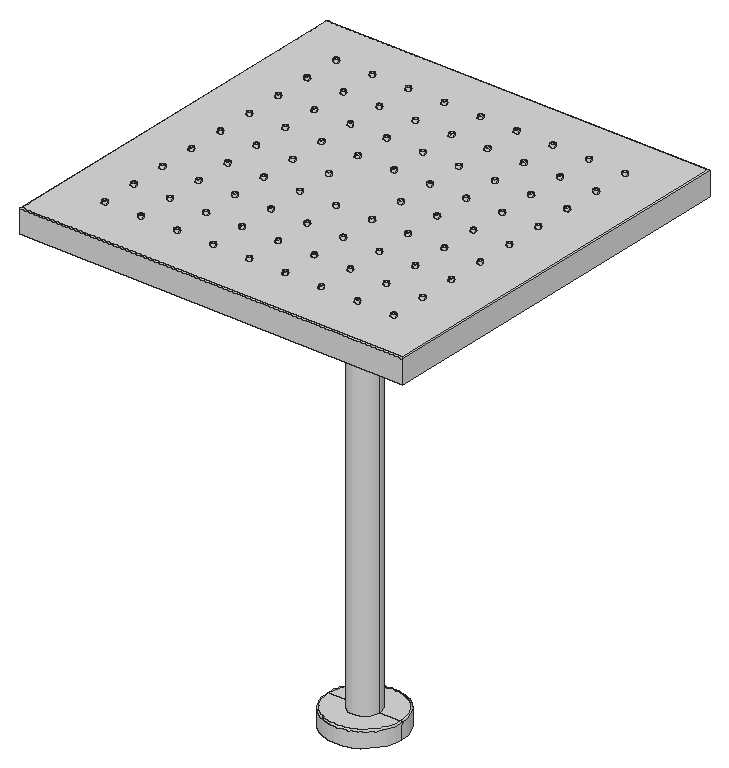
Revit family "Shower-Showerhead-KOHLER-EO-3875D_1", category Plumbing Fixtures, host Face, Revit 2017 (continued)
Definition of nested family "3875D"
  Lines and regions (in)
    symbolic lines, detail levels medium+fine
      curve 178: arc (4.1231253, 2.0867319, 0) -> (4.1703694, 2.0394878, 0) -> (4.2176134, 2.0867319, 0) r 0.0472441
      curve 179: arc (4.2333615, 2.0867319, 0) -> (4.1703694, 2.0237398, 0) -> (4.1073772, 2.0867319, 0) r 0.0629921
      curve 180: arc (4.247141, 2.0867319, 0) -> (4.1703694, 2.0099603, 0) -> (4.0935977, 2.0867319, 0) r 0.0767717
      curve 181: arc (3.0504155, 1.0449391, 0) -> (3.1271871, 1.1217108, 0) -> (3.2039588, 1.0449391, 0) r 0.0767717
      curve 182: arc (3.064195, 1.0449391, 0) -> (3.1271871, 1.1079312, 0) -> (3.1901793, 1.0449391, 0) r 0.0629921
      curve 183: arc (3.1744312, 1.0449391, 0) -> (3.1271871, 1.0921832, 0) -> (3.079943, 1.0449391, 0) r 0.0472441
      curve 184: arc (3.079943, 1.0449391, 0) -> (3.1271871, 0.997695, 0) -> (3.1744312, 1.0449391, 0) r 0.0472441
      curve 185: arc (3.1901793, 1.0449391, 0) -> (3.1271871, 0.981947, 0) -> (3.064195, 1.0449391, 0) r 0.0629921
      curve 186: arc (3.2039588, 1.0449391, 0) -> (3.1271871, 0.9681674, 0) -> (3.0504155, 1.0449391, 0) r 0.0767717
      curve 187: arc (4.0935977, 1.0446144, 0) -> (4.1703694, 1.121386, 0) -> (4.247141, 1.0446144, 0) r 0.0767717
      curve 188: arc (4.1073772, 1.0446144, 0) -> (4.1703694, 1.1076065, 0) -> (4.2333615, 1.0446144, 0) r 0.0629921
      curve 189: arc (4.2176134, 1.0446144, 0) -> (4.1703694, 1.0918585, 0) -> (4.1231253, 1.0446144, 0) r 0.0472441
      curve 190: arc (4.1231253, 1.0446144, 0) -> (4.1703694, 0.9973703, 0) -> (4.2176134, 1.0446144, 0) r 0.0472441
      curve 191: arc (4.2333615, 1.0446144, 0) -> (4.1703694, 0.9816222, 0) -> (4.1073772, 1.0446144, 0) r 0.0629921
      curve 192: arc (4.247141, 1.0446144, 0) -> (4.1703694, 0.9678427, 0) -> (4.0935977, 1.0446144, 0) r 0.0767717
      curve 193: arc (2.1607766, 4.1745663, 0) -> (2.0840049, 4.2513379, 0) -> (2.0072333, 4.1745663, 0) r 0.0767717
      curve 194: arc (2.146997, 4.1745663, 0) -> (2.0840049, 4.2375584, 0) -> (2.0210128, 4.1745663, 0) r 0.0629921
      curve 195: arc (2.0367608, 4.1745663, 0) -> (2.0840049, 4.2218104, 0) -> (2.131249, 4.1745663, 0) r 0.0472441
      curve 196: arc (2.131249, 4.1745663, 0) -> (2.0840049, 4.1273222, 0) -> (2.0367608, 4.1745663, 0) r 0.0472441
      curve 197: arc (2.0210128, 4.1745663, 0) -> (2.0840049, 4.1115742, 0) -> (2.146997, 4.1745663, 0) r 0.0629921
      curve 198: arc (2.0072333, 4.1745663, 0) -> (2.0840049, 4.0977946, 0) -> (2.1607766, 4.1745663, 0) r 0.0767717
      curve 199: arc (2.1607766, 3.1292234, 0) -> (2.0840049, 3.2059951, 0) -> (2.0072333, 3.1292234, 0) r 0.0767717
      curve 200: arc (2.146997, 3.1292234, 0) -> (2.0840049, 3.1922155, 0) -> (2.0210128, 3.1292234, 0) r 0.0629921
      curve 201: arc (2.0367608, 3.1292234, 0) -> (2.0840049, 3.1764675, 0) -> (2.131249, 3.1292234, 0) r 0.0472441
      curve 202: arc (2.131249, 3.1292234, 0) -> (2.0840049, 3.0819793, 0) -> (2.0367608, 3.1292234, 0) r 0.0472441
      curve 203: arc (2.0210128, 3.1292234, 0) -> (2.0840049, 3.0662313, 0) -> (2.146997, 3.1292234, 0) r 0.0629921
      curve 204: arc (2.0072333, 3.1292234, 0) -> (2.0840049, 3.0524518, 0) -> (2.1607766, 3.1292234, 0) r 0.0767717
      curve 205: arc (2.1607766, 2.0867319, 0) -> (2.0840049, 2.1635036, 0) -> (2.0072333, 2.0867319, 0) r 0.0767717
      curve 206: arc (2.146997, 2.0867319, 0) -> (2.0840049, 2.1497241, 0) -> (2.0210128, 2.0867319, 0) r 0.0629921
      curve 207: arc (2.0367608, 2.0867319, 0) -> (2.0840049, 2.133976, 0) -> (2.131249, 2.0867319, 0) r 0.0472441
      curve 208: arc (2.131249, 2.0867319, 0) -> (2.0840049, 2.0394878, 0) -> (2.0367608, 2.0867319, 0) r 0.0472441
      curve 209: arc (2.0210128, 2.0867319, 0) -> (2.0840049, 2.0237398, 0) -> (2.146997, 2.0867319, 0) r 0.0629921
      curve 210: arc (2.0072333, 2.0867319, 0) -> (2.0840049, 2.0099603, 0) -> (2.1607766, 2.0867319, 0) r 0.0767717
      curve 211: arc (2.1607766, 1.0446144, 0) -> (2.0840049, 1.121386, 0) -> (2.0072333, 1.0446144, 0) r 0.0767717
      curve 212: arc (2.146997, 1.0446144, 0) -> (2.0840049, 1.1076065, 0) -> (2.0210128, 1.0446144, 0) r 0.0629921
      curve 213: arc (2.0367608, 1.0446144, 0) -> (2.0840049, 1.0918585, 0) -> (2.131249, 1.0446144, 0) r 0.0472441
      curve 214: arc (2.131249, 1.0446144, 0) -> (2.0840049, 0.9973703, 0) -> (2.0367608, 1.0446144, 0) r 0.0472441
      curve 215: arc (2.0210128, 1.0446144, 0) -> (2.0840049, 0.9816222, 0) -> (2.146997, 1.0446144, 0) r 0.0629921
      curve 216: arc (2.0072333, 1.0446144, 0) -> (2.0840049, 0.9678427, 0) -> (2.1607766, 1.0446144, 0) r 0.0767717
      curve 217: arc (1.1175943, 4.1745663, 0) -> (1.0408227, 4.2513379, 0) -> (0.964051, 4.1745663, 0) r 0.0767717
      curve 218: arc (1.1038148, 4.1745663, 0) -> (1.0408227, 4.2375584, 0) -> (0.9778306, 4.1745663, 0) r 0.0629921
      curve 219: arc (0.9935786, 4.1745663, 0) -> (1.0408227, 4.2218104, 0) -> (1.0880668, 4.1745663, 0) r 0.0472441
      curve 220: arc (1.0880668, 4.1745663, 0) -> (1.0408227, 4.1273222, 0) -> (0.9935786, 4.1745663, 0) r 0.0472441
      curve 221: arc (0.9778306, 4.1745663, 0) -> (1.0408227, 4.1115742, 0) -> (1.1038148, 4.1745663, 0) r 0.0629921
      curve 222: arc (0.964051, 4.1745663, 0) -> (1.0408227, 4.0977946, 0) -> (1.1175943, 4.1745663, 0) r 0.0767717
      curve 223: arc (1.1175943, 3.1298897, 0) -> (1.0408227, 3.2066614, 0) -> (0.964051, 3.1298897, 0) r 0.0767717
      curve 224: arc (1.1038148, 3.1298897, 0) -> (1.0408227, 3.1928818, 0) -> (0.9778306, 3.1298897, 0) r 0.0629921
      curve 225: arc (0.9935786, 3.1298897, 0) -> (1.0408227, 3.1771338, 0) -> (1.0880668, 3.1298897, 0) r 0.0472441
      curve 226: arc (1.0880668, 3.1298897, 0) -> (1.0408227, 3.0826456, 0) -> (0.9935786, 3.1298897, 0) r 0.0472441
      curve 227: arc (0.9778306, 3.1298897, 0) -> (1.0408227, 3.0668976, 0) -> (1.1038148, 3.1298897, 0) r 0.0629921
      curve 228: arc (0.964051, 3.1298897, 0) -> (1.0408227, 3.0531181, 0) -> (1.1175943, 3.1298897, 0) r 0.0767717
      curve 229: arc (1.1175943, 2.0877149, 0) -> (1.0408227, 2.1644866, 0) -> (0.964051, 2.0877149, 0) r 0.0767717
      curve 230: arc (1.1038148, 2.0877149, 0) -> (1.0408227, 2.1507071, 0) -> (0.9778306, 2.0877149, 0) r 0.0629921
      curve 231: arc (0.9935786, 2.0877149, 0) -> (1.0408227, 2.134959, 0) -> (1.0880668, 2.0877149, 0) r 0.0472441
      curve 232: arc (1.0880668, 2.0877149, 0) -> (1.0408227, 2.0404708, 0) -> (0.9935786, 2.0877149, 0) r 0.0472441
      curve 233: arc (0.9778306, 2.0877149, 0) -> (1.0408227, 2.0247228, 0) -> (1.1038148, 2.0877149, 0) r 0.0629921
      curve 234: arc (0.964051, 2.0877149, 0) -> (1.0408227, 2.0109433, 0) -> (1.1175943, 2.0877149, 0) r 0.0767717
      curve 235: arc (1.1175943, 1.0449391, 0) -> (1.0408227, 1.1217108, 0) -> (0.964051, 1.0449391, 0) r 0.0767717
      curve 236: arc (1.1038148, 1.0449391, 0) -> (1.0408227, 1.1079312, 0) -> (0.9778306, 1.0449391, 0) r 0.0629921
      curve 237: arc (0.9935786, 1.0449391, 0) -> (1.0408227, 1.0921832, 0) -> (1.0880668, 1.0449391, 0) r 0.0472441
      curve 238: arc (1.0880668, 1.0449391, 0) -> (1.0408227, 0.997695, 0) -> (0.9935786, 1.0449391, 0) r 0.0472441
      curve 239: arc (0.9778306, 1.0449391, 0) -> (1.0408227, 0.981947, 0) -> (1.1038148, 1.0449391, 0) r 0.0629921
      curve 240: arc (0.964051, 1.0449391, 0) -> (1.0408227, 0.9681674, 0) -> (1.1175943, 1.0449391, 0) r 0.0767717
      curve 241: arc (-4.0935977, -4.1745663, 0) -> (-4.1703694, -4.2513379, 0) -> (-4.247141, -4.1745663, 0) r 0.0767717
      curve 242: arc (-4.1073772, -4.1745663, 0) -> (-4.1703694, -4.2375584, 0) -> (-4.2333615, -4.1745663, 0) r 0.0629921
      curve 243: arc (-4.2176134, -4.1745663, 0) -> (-4.1703694, -4.2218104, 0) -> (-4.1231253, -4.1745663, 0) r 0.0472441
      curve 244: arc (-4.1231253, -4.1745663, 0) -> (-4.1703694, -4.1273222, 0) -> (-4.2176134, -4.1745663, 0) r 0.0472441
      curve 245: arc (-4.2333615, -4.1745663, 0) -> (-4.1703694, -4.1115742, 0) -> (-4.1073772, -4.1745663, 0) r 0.0629921
      curve 246: arc (-4.247141, -4.1745663, 0) -> (-4.1703694, -4.0977946, 0) -> (-4.0935977, -4.1745663, 0) r 0.0767717
      curve 247: arc (-4.0935977, -3.1292234, 0) -> (-4.1703694, -3.2059951, 0) -> (-4.247141, -3.1292234, 0) r 0.0767717
      curve 248: arc (-4.1073772, -3.1292234, 0) -> (-4.1703694, -3.1922155, 0) -> (-4.2333615, -3.1292234, 0) r 0.0629921
      curve 249: arc (-4.2176134, -3.1292234, 0) -> (-4.1703694, -3.1764675, 0) -> (-4.1231253, -3.1292234, 0) r 0.0472441
      curve 250: arc (-4.1231253, -3.1292234, 0) -> (-4.1703694, -3.0819793, 0) -> (-4.2176134, -3.1292234, 0) r 0.0472441
      curve 251: arc (-4.2333615, -3.1292234, 0) -> (-4.1703694, -3.0662313, 0) -> (-4.1073772, -3.1292234, 0) r 0.0629921
      curve 252: arc (-4.247141, -3.1292234, 0) -> (-4.1703694, -3.0524518, 0) -> (-4.0935977, -3.1292234, 0) r 0.0767717
      curve 253: arc (-3.0504155, -4.1745663, 0) -> (-3.1271871, -4.2513379, 0) -> (-3.2039588, -4.1745663, 0) r 0.0767717
      curve 254: arc (-3.064195, -4.1745663, 0) -> (-3.1271871, -4.2375584, 0) -> (-3.1901793, -4.1745663, 0) r 0.0629921
      curve 255: arc (-3.1744312, -4.1745663, 0) -> (-3.1271871, -4.2218104, 0) -> (-3.079943, -4.1745663, 0) r 0.0472441
      curve 256: arc (-3.079943, -4.1745663, 0) -> (-3.1271871, -4.1273222, 0) -> (-3.1744312, -4.1745663, 0) r 0.0472441
      curve 257: arc (-3.1901793, -4.1745663, 0) -> (-3.1271871, -4.1115742, 0) -> (-3.064195, -4.1745663, 0) r 0.0629921
      curve 258: arc (-3.2039588, -4.1745663, 0) -> (-3.1271871, -4.0977946, 0) -> (-3.0504155, -4.1745663, 0) r 0.0767717
      curve 259: arc (-3.0504155, -3.1298897, 0) -> (-3.1271871, -3.2066614, 0) -> (-3.2039588, -3.1298897, 0) r 0.0767717
      curve 260: arc (-3.064195, -3.1298897, 0) -> (-3.1271871, -3.1928818, 0) -> (-3.1901793, -3.1298897, 0) r 0.0629921
      curve 261: arc (-3.1744312, -3.1298897, 0) -> (-3.1271871, -3.1771338, 0) -> (-3.079943, -3.1298897, 0) r 0.0472441
      curve 262: arc (-3.079943, -3.1298897, 0) -> (-3.1271871, -3.0826456, 0) -> (-3.1744312, -3.1298897, 0) r 0.0472441
      curve 263: arc (-3.1901793, -3.1298897, 0) -> (-3.1271871, -3.0668976, 0) -> (-3.064195, -3.1298897, 0) r 0.0629921
      curve 264: arc (-3.2039588, -3.1298897, 0) -> (-3.1271871, -3.0531181, 0) -> (-3.0504155, -3.1298897, 0) r 0.0767717
      curve 265: arc (-3.0504155, -2.0877149, 0) -> (-3.1271871, -2.1644866, 0) -> (-3.2039588, -2.0877149, 0) r 0.0767717
      curve 266: arc (-3.064195, -2.0877149, 0) -> (-3.1271871, -2.1507071, 0) -> (-3.1901793, -2.0877149, 0) r 0.0629921
      curve 267: arc (-3.1744312, -2.0877149, 0) -> (-3.1271871, -2.134959, 0) -> (-3.079943, -2.0877149, 0) r 0.0472441
      curve 268: arc (-3.079943, -2.0877149, 0) -> (-3.1271871, -2.0404708, 0) -> (-3.1744312, -2.0877149, 0) r 0.0472441
      curve 269: arc (-3.1901793, -2.0877149, 0) -> (-3.1271871, -2.0247228, 0) -> (-3.064195, -2.0877149, 0) r 0.0629921
      curve 270: arc (-3.2039588, -2.0877149, 0) -> (-3.1271871, -2.0109433, 0) -> (-3.0504155, -2.0877149, 0) r 0.0767717
      curve 271: arc (-4.0935977, -2.0867319, 0) -> (-4.1703694, -2.1635036, 0) -> (-4.247141, -2.0867319, 0) r 0.0767717
      curve 272: arc (-4.1073772, -2.0867319, 0) -> (-4.1703694, -2.1497241, 0) -> (-4.2333615, -2.0867319, 0) r 0.0629921
      curve 273: arc (-4.2176134, -2.0867319, 0) -> (-4.1703694, -2.133976, 0) -> (-4.1231253, -2.0867319, 0) r 0.0472441
      curve 274: arc (-4.1231253, -2.0867319, 0) -> (-4.1703694, -2.0394878, 0) -> (-4.2176134, -2.0867319, 0) r 0.0472441
      curve 275: arc (-4.2333615, -2.0867319, 0) -> (-4.1703694, -2.0237398, 0) -> (-4.1073772, -2.0867319, 0) r 0.0629921
      curve 276: arc (-4.247141, -2.0867319, 0) -> (-4.1703694, -2.0099603, 0) -> (-4.0935977, -2.0867319, 0) r 0.0767717
      curve 277: arc (-3.0504155, -1.0449391, 0) -> (-3.1271871, -1.1217108, 0) -> (-3.2039588, -1.0449391, 0) r 0.0767717
      curve 278: arc (-3.064195, -1.0449391, 0) -> (-3.1271871, -1.1079312, 0) -> (-3.1901793, -1.0449391, 0) r 0.0629921
      curve 279: arc (-3.1744312, -1.0449391, 0) -> (-3.1271871, -1.0921832, 0) -> (-3.079943, -1.0449391, 0) r 0.0472441
      curve 280: arc (-3.079943, -1.0449391, 0) -> (-3.1271871, -0.997695, 0) -> (-3.1744312, -1.0449391, 0) r 0.0472441
      curve 281: arc (-3.1901793, -1.0449391, 0) -> (-3.1271871, -0.981947, 0) -> (-3.064195, -1.0449391, 0) r 0.0629921
      curve 282: arc (-3.2039588, -1.0449391, 0) -> (-3.1271871, -0.9681674, 0) -> (-3.0504155, -1.0449391, 0) r 0.0767717
      curve 283: arc (-4.0935977, -1.0446144, 0) -> (-4.1703694, -1.121386, 0) -> (-4.247141, -1.0446144, 0) r 0.0767717
      curve 284: arc (-4.1073772, -1.0446144, 0) -> (-4.1703694, -1.1076065, 0) -> (-4.2333615, -1.0446144, 0) r 0.0629921
      curve 285: arc (-4.2176134, -1.0446144, 0) -> (-4.1703694, -1.0918585, 0) -> (-4.1231253, -1.0446144, 0) r 0.0472441
      curve 286: arc (-4.1231253, -1.0446144, 0) -> (-4.1703694, -0.9973703, 0) -> (-4.2176134, -1.0446144, 0) r 0.0472441
      curve 287: arc (-4.2333615, -1.0446144, 0) -> (-4.1703694, -0.9816222, 0) -> (-4.1073772, -1.0446144, 0) r 0.0629921
      curve 288: arc (-4.247141, -1.0446144, 0) -> (-4.1703694, -0.9678427, 0) -> (-4.0935977, -1.0446144, 0) r 0.0767717
      curve 289: arc (-2.1607766, -4.1745663, 0) -> (-2.0840049, -4.2513379, 0) -> (-2.0072333, -4.1745663, 0) r 0.0767717
      curve 290: arc (-2.146997, -4.1745663, 0) -> (-2.0840049, -4.2375584, 0) -> (-2.0210128, -4.1745663, 0) r 0.0629921
      curve 291: arc (-2.0367608, -4.1745663, 0) -> (-2.0840049, -4.2218104, 0) -> (-2.131249, -4.1745663, 0) r 0.0472441
      curve 292: arc (-2.131249, -4.1745663, 0) -> (-2.0840049, -4.1273222, 0) -> (-2.0367608, -4.1745663, 0) r 0.0472441
      curve 293: arc (-2.0210128, -4.1745663, 0) -> (-2.0840049, -4.1115742, 0) -> (-2.146997, -4.1745663, 0) r 0.0629921
      curve 294: arc (-2.0072333, -4.1745663, 0) -> (-2.0840049, -4.0977946, 0) -> (-2.1607766, -4.1745663, 0) r 0.0767717
      curve 295: arc (-2.1607766, -3.1292234, 0) -> (-2.0840049, -3.2059951, 0) -> (-2.0072333, -3.1292234, 0) r 0.0767717
      curve 296: arc (-2.146997, -3.1292234, 0) -> (-2.0840049, -3.1922155, 0) -> (-2.0210128, -3.1292234, 0) r 0.0629921
      curve 297: arc (-2.0367608, -3.1292234, 0) -> (-2.0840049, -3.1764675, 0) -> (-2.131249, -3.1292234, 0) r 0.0472441
      curve 298: arc (-2.131249, -3.1292234, 0) -> (-2.0840049, -3.0819793, 0) -> (-2.0367608, -3.1292234, 0) r 0.0472441
      curve 299: arc (-2.0210128, -3.1292234, 0) -> (-2.0840049, -3.0662313, 0) -> (-2.146997, -3.1292234, 0) r 0.0629921
      curve 300: arc (-2.0072333, -3.1292234, 0) -> (-2.0840049, -3.0524518, 0) -> (-2.1607766, -3.1292234, 0) r 0.0767717
      curve 301: arc (-2.1607766, -2.0867319, 0) -> (-2.0840049, -2.1635036, 0) -> (-2.0072333, -2.0867319, 0) r 0.0767717
      curve 302: arc (-2.146997, -2.0867319, 0) -> (-2.0840049, -2.1497241, 0) -> (-2.0210128, -2.0867319, 0) r 0.0629921
      curve 303: arc (-2.0367608, -2.0867319, 0) -> (-2.0840049, -2.133976, 0) -> (-2.131249, -2.0867319, 0) r 0.0472441
      curve 304: arc (-2.131249, -2.0867319, 0) -> (-2.0840049, -2.0394878, 0) -> (-2.0367608, -2.0867319, 0) r 0.0472441
      curve 305: arc (-2.0210128, -2.0867319, 0) -> (-2.0840049, -2.0237398, 0) -> (-2.146997, -2.0867319, 0) r 0.0629921
      curve 306: arc (-2.0072333, -2.0867319, 0) -> (-2.0840049, -2.0099603, 0) -> (-2.1607766, -2.0867319, 0) r 0.0767717
      curve 307: arc (-2.1607766, -1.0446144, 0) -> (-2.0840049, -1.121386, 0) -> (-2.0072333, -1.0446144, 0) r 0.0767717
      curve 308: arc (-2.146997, -1.0446144, 0) -> (-2.0840049, -1.1076065, 0) -> (-2.0210128, -1.0446144, 0) r 0.0629921
      curve 309: arc (-2.0367608, -1.0446144, 0) -> (-2.0840049, -1.0918585, 0) -> (-2.131249, -1.0446144, 0) r 0.0472441
      curve 310: arc (-2.131249, -1.0446144, 0) -> (-2.0840049, -0.9973703, 0) -> (-2.0367608, -1.0446144, 0) r 0.0472441
      curve 311: arc (-2.0210128, -1.0446144, 0) -> (-2.0840049, -0.9816222, 0) -> (-2.146997, -1.0446144, 0) r 0.0629921
      curve 312: arc (-2.0072333, -1.0446144, 0) -> (-2.0840049, -0.9678427, 0) -> (-2.1607766, -1.0446144, 0) r 0.0767717
      curve 313: arc (-1.1175943, -4.1745663, 0) -> (-1.0408227, -4.2513379, 0) -> (-0.964051, -4.1745663, 0) r 0.0767717
      curve 314: arc (-1.1038148, -4.1745663, 0) -> (-1.0408227, -4.2375584, 0) -> (-0.9778306, -4.1745663, 0) r 0.0629921
      curve 315: arc (-0.9935786, -4.1745663, 0) -> (-1.0408227, -4.2218104, 0) -> (-1.0880668, -4.1745663, 0) r 0.0472441
      curve 316: arc (-1.0880668, -4.1745663, 0) -> (-1.0408227, -4.1273222, 0) -> (-0.9935786, -4.1745663, 0) r 0.0472441
      curve 317: arc (-0.9778306, -4.1745663, 0) -> (-1.0408227, -4.1115742, 0) -> (-1.1038148, -4.1745663, 0) r 0.0629921
      curve 318: arc (-0.964051, -4.1745663, 0) -> (-1.0408227, -4.0977946, 0) -> (-1.1175943, -4.1745663, 0) r 0.0767717
      curve 319: arc (-1.1175943, -3.1298897, 0) -> (-1.0408227, -3.2066614, 0) -> (-0.964051, -3.1298897, 0) r 0.0767717
      curve 320: arc (-1.1038148, -3.1298897, 0) -> (-1.0408227, -3.1928818, 0) -> (-0.9778306, -3.1298897, 0) r 0.0629921
      curve 321: arc (-0.9935786, -3.1298897, 0) -> (-1.0408227, -3.1771338, 0) -> (-1.0880668, -3.1298897, 0) r 0.0472441
      curve 322: arc (-1.0880668, -3.1298897, 0) -> (-1.0408227, -3.0826456, 0) -> (-0.9935786, -3.1298897, 0) r 0.0472441
      curve 323: arc (-0.9778306, -3.1298897, 0) -> (-1.0408227, -3.0668976, 0) -> (-1.1038148, -3.1298897, 0) r 0.0629921
      curve 324: arc (-0.964051, -3.1298897, 0) -> (-1.0408227, -3.0531181, 0) -> (-1.1175943, -3.1298897, 0) r 0.0767717
      curve 325: arc (-1.1175943, -2.0877149, 0) -> (-1.0408227, -2.1644866, 0) -> (-0.964051, -2.0877149, 0) r 0.0767717
      curve 326: arc (-1.1038148, -2.0877149, 0) -> (-1.0408227, -2.1507071, 0) -> (-0.9778306, -2.0877149, 0) r 0.0629921
      curve 327: arc (-0.9935786, -2.0877149, 0) -> (-1.0408227, -2.134959, 0) -> (-1.0880668, -2.0877149, 0) r 0.0472441
      curve 328: arc (-1.0880668, -2.0877149, 0) -> (-1.0408227, -2.0404708, 0) -> (-0.9935786, -2.0877149, 0) r 0.0472441
      curve 329: arc (-0.9778306, -2.0877149, 0) -> (-1.0408227, -2.0247228, 0) -> (-1.1038148, -2.0877149, 0) r 0.0629921
      curve 330: arc (-0.964051, -2.0877149, 0) -> (-1.0408227, -2.0109433, 0) -> (-1.1175943, -2.0877149, 0) r 0.0767717
      curve 331: arc (-1.1175943, -1.0449391, 0) -> (-1.0408227, -1.1217108, 0) -> (-0.964051, -1.0449391, 0) r 0.0767717
      curve 332: arc (-1.1038148, -1.0449391, 0) -> (-1.0408227, -1.1079312, 0) -> (-0.9778306, -1.0449391, 0) r 0.0629921
      curve 333: arc (-0.9935786, -1.0449391, 0) -> (-1.0408227, -1.0921832, 0) -> (-1.0880668, -1.0449391, 0) r 0.0472441
      curve 334: arc (-1.0880668, -1.0449391, 0) -> (-1.0408227, -0.997695, 0) -> (-0.9935786, -1.0449391, 0) r 0.0472441
      curve 335: arc (-0.9778306, -1.0449391, 0) -> (-1.0408227, -0.981947, 0) -> (-1.1038148, -1.0449391, 0) r 0.0629921
      curve 336: arc (-0.964051, -1.0449391, 0) -> (-1.0408227, -0.9681674, 0) -> (-1.1175943, -1.0449391, 0) r 0.0767717
      curve 337: arc (0.0791312, -4.1745663, 0) -> (0.0023595, -4.2513379, 0) -> (-0.0744121, -4.1745663, 0) r 0.0767717
      curve 338: arc (0.0653517, -4.1745663, 0) -> (0.0023595, -4.2375584, 0) -> (-0.0606326, -4.1745663, 0) r 0.0629921
      curve 339: arc (-0.0448846, -4.1745663, 0) -> (0.0023595, -4.2218104, 0) -> (0.0496036, -4.1745663, 0) r 0.0472441
      curve 340: arc (0.0496036, -4.1745663, 0) -> (0.0023595, -4.1273222, 0) -> (-0.0448846, -4.1745663, 0) r 0.0472441
      curve 341: arc (-0.0606326, -4.1745663, 0) -> (0.0023595, -4.1115742, 0) -> (0.0653517, -4.1745663, 0) r 0.0629921
      curve 342: arc (-0.0744121, -4.1745663, 0) -> (0.0023595, -4.0977946, 0) -> (0.0791312, -4.1745663, 0) r 0.0767717
      curve 343: arc (0.0791312, -3.1292234, 0) -> (0.0023595, -3.2059951, 0) -> (-0.0744121, -3.1292234, 0) r 0.0767717
      curve 344: arc (0.0653517, -3.1292234, 0) -> (0.0023595, -3.1922155, 0) -> (-0.0606326, -3.1292234, 0) r 0.0629921
      curve 345: arc (-0.0448846, -3.1292234, 0) -> (0.0023595, -3.1764675, 0) -> (0.0496036, -3.1292234, 0) r 0.0472441
      curve 346: arc (0.0496036, -3.1292234, 0) -> (0.0023595, -3.0819793, 0) -> (-0.0448846, -3.1292234, 0) r 0.0472441
      curve 347: arc (-0.0606326, -3.1292234, 0) -> (0.0023595, -3.0662313, 0) -> (0.0653517, -3.1292234, 0) r 0.0629921
      curve 348: arc (-0.0744121, -3.1292234, 0) -> (0.0023595, -3.0524518, 0) -> (0.0791312, -3.1292234, 0) r 0.0767717
      curve 349: arc (0.0791312, -2.0867319, 0) -> (0.0023595, -2.1635036, 0) -> (-0.0744121, -2.0867319, 0) r 0.0767717
      curve 350: arc (0.0653517, -2.0867319, 0) -> (0.0023595, -2.1497241, 0) -> (-0.0606326, -2.0867319, 0) r 0.0629921
      curve 351: arc (-0.0448846, -2.0867319, 0) -> (0.0023595, -2.133976, 0) -> (0.0496036, -2.0867319, 0) r 0.0472441
      curve 352: arc (0.0496036, -2.0867319, 0) -> (0.0023595, -2.0394878, 0) -> (-0.0448846, -2.0867319, 0) r 0.0472441
      curve 353: arc (-0.0606326, -2.0867319, 0) -> (0.0023595, -2.0237398, 0) -> (0.0653517, -2.0867319, 0) r 0.0629921
      curve 354: arc (-0.0744121, -2.0867319, 0) -> (0.0023595, -2.0099603, 0) -> (0.0791312, -2.0867319, 0) r 0.0767717
      curve 355: arc (0.0791312, -1.0446144, 0) -> (0.0023595, -1.121386, 0) -> (-0.0744121, -1.0446144, 0) r 0.0767717
      curve 356: arc (0.0653517, -1.0446144, 0) -> (0.0023595, -1.1076065, 0) -> (-0.0606326, -1.0446144, 0) r 0.0629921
      curve 357: arc (-0.0448846, -1.0446144, 0) -> (0.0023595, -1.0918585, 0) -> (0.0496036, -1.0446144, 0) r 0.0472441
      curve 358: arc (0.0496036, -1.0446144, 0) -> (0.0023595, -0.9973703, 0) -> (-0.0448846, -1.0446144, 0) r 0.0472441
      curve 359: arc (-0.0606326, -1.0446144, 0) -> (0.0023595, -0.9816222, 0) -> (0.0653517, -1.0446144, 0) r 0.0629921
      curve 360: arc (-0.0744121, -1.0446144, 0) -> (0.0023595, -0.9678427, 0) -> (0.0791312, -1.0446144, 0) r 0.0767717
      curve 361: arc (4.0935977, -4.1745663, 0) -> (4.1703694, -4.2513379, 0) -> (4.247141, -4.1745663, 0) r 0.0767717
      curve 362: arc (4.1073772, -4.1745663, 0) -> (4.1703694, -4.2375584, 0) -> (4.2333615, -4.1745663, 0) r 0.0629921
      curve 363: arc (4.2176134, -4.1745663, 0) -> (4.1703694, -4.2218104, 0) -> (4.1231253, -4.1745663, 0) r 0.0472441
      curve 364: arc (4.1231253, -4.1745663, 0) -> (4.1703694, -4.1273222, 0) -> (4.2176134, -4.1745663, 0) r 0.0472441
      curve 365: arc (4.2333615, -4.1745663, 0) -> (4.1703694, -4.1115742, 0) -> (4.1073772, -4.1745663, 0) r 0.0629921
      curve 366: arc (4.247141, -4.1745663, 0) -> (4.1703694, -4.0977946, 0) -> (4.0935977, -4.1745663, 0) r 0.0767717
      curve 367: arc (4.0935977, -3.1292234, 0) -> (4.1703694, -3.2059951, 0) -> (4.247141, -3.1292234, 0) r 0.0767717
      curve 368: arc (4.1073772, -3.1292234, 0) -> (4.1703694, -3.1922155, 0) -> (4.2333615, -3.1292234, 0) r 0.0629921
      curve 369: arc (4.2176134, -3.1292234, 0) -> (4.1703694, -3.1764675, 0) -> (4.1231253, -3.1292234, 0) r 0.0472441
      curve 370: arc (4.1231253, -3.1292234, 0) -> (4.1703694, -3.0819793, 0) -> (4.2176134, -3.1292234, 0) r 0.0472441
      curve 371: arc (4.2333615, -3.1292234, 0) -> (4.1703694, -3.0662313, 0) -> (4.1073772, -3.1292234, 0) r 0.0629921
      curve 372: arc (4.247141, -3.1292234, 0) -> (4.1703694, -3.0524518, 0) -> (4.0935977, -3.1292234, 0) r 0.0767717
      curve 373: arc (3.0504155, -4.1745663, 0) -> (3.1271871, -4.2513379, 0) -> (3.2039588, -4.1745663, 0) r 0.0767717
      curve 374: arc (3.064195, -4.1745663, 0) -> (3.1271871, -4.2375584, 0) -> (3.1901793, -4.1745663, 0) r 0.0629921
      curve 375: arc (3.1744312, -4.1745663, 0) -> (3.1271871, -4.2218104, 0) -> (3.079943, -4.1745663, 0) r 0.0472441
      curve 376: arc (3.079943, -4.1745663, 0) -> (3.1271871, -4.1273222, 0) -> (3.1744312, -4.1745663, 0) r 0.0472441
      curve 377: arc (3.1901793, -4.1745663, 0) -> (3.1271871, -4.1115742, 0) -> (3.064195, -4.1745663, 0) r 0.0629921
      curve 378: arc (3.2039588, -4.1745663, 0) -> (3.1271871, -4.0977946, 0) -> (3.0504155, -4.1745663, 0) r 0.0767717
      curve 379: arc (3.0504155, -3.1298897, 0) -> (3.1271871, -3.2066614, 0) -> (3.2039588, -3.1298897, 0) r 0.0767717
      curve 380: arc (3.064195, -3.1298897, 0) -> (3.1271871, -3.1928818, 0) -> (3.1901793, -3.1298897, 0) r 0.0629921
      curve 381: arc (3.1744312, -3.1298897, 0) -> (3.1271871, -3.1771338, 0) -> (3.079943, -3.1298897, 0) r 0.0472441
      curve 382: arc (3.079943, -3.1298897, 0) -> (3.1271871, -3.0826456, 0) -> (3.1744312, -3.1298897, 0) r 0.0472441
      curve 383: arc (3.1901793, -3.1298897, 0) -> (3.1271871, -3.0668976, 0) -> (3.064195, -3.1298897, 0) r 0.0629921
      curve 384: arc (3.2039588, -3.1298897, 0) -> (3.1271871, -3.0531181, 0) -> (3.0504155, -3.1298897, 0) r 0.0767717
      curve 385: arc (3.0504155, -2.0877149, 0) -> (3.1271871, -2.1644866, 0) -> (3.2039588, -2.0877149, 0) r 0.0767717
      curve 386: arc (3.064195, -2.0877149, 0) -> (3.1271871, -2.1507071, 0) -> (3.1901793, -2.0877149, 0) r 0.0629921
      curve 387: arc (3.1744312, -2.0877149, 0) -> (3.1271871, -2.134959, 0) -> (3.079943, -2.0877149, 0) r 0.0472441
      curve 388: arc (3.079943, -2.0877149, 0) -> (3.1271871, -2.0404708, 0) -> (3.1744312, -2.0877149, 0) r 0.0472441
      curve 389: arc (3.1901793, -2.0877149, 0) -> (3.1271871, -2.0247228, 0) -> (3.064195, -2.0877149, 0) r 0.0629921
      curve 390: arc (3.2039588, -2.0877149, 0) -> (3.1271871, -2.0109433, 0) -> (3.0504155, -2.0877149, 0) r 0.0767717
      curve 391: arc (4.0935977, -2.0867319, 0) -> (4.1703694, -2.1635036, 0) -> (4.247141, -2.0867319, 0) r 0.0767717
      curve 392: arc (4.1073772, -2.0867319, 0) -> (4.1703694, -2.1497241, 0) -> (4.2333615, -2.0867319, 0) r 0.0629921
      curve 393: arc (4.2176134, -2.0867319, 0) -> (4.1703694, -2.133976, 0) -> (4.1231253, -2.0867319, 0) r 0.0472441
      curve 394: arc (4.1231253, -2.0867319, 0) -> (4.1703694, -2.0394878, 0) -> (4.2176134, -2.0867319, 0) r 0.0472441
      curve 395: arc (4.2333615, -2.0867319, 0) -> (4.1703694, -2.0237398, 0) -> (4.1073772, -2.0867319, 0) r 0.0629921
      curve 396: arc (4.247141, -2.0867319, 0) -> (4.1703694, -2.0099603, 0) -> (4.0935977, -2.0867319, 0) r 0.0767717
      curve 397: arc (3.0504155, -1.0449391, 0) -> (3.1271871, -1.1217108, 0) -> (3.2039588, -1.0449391, 0) r 0.0767717
      curve 398: arc (3.064195, -1.0449391, 0) -> (3.1271871, -1.1079312, 0) -> (3.1901793, -1.0449391, 0) r 0.0629921
      curve 399: arc (3.1744312, -1.0449391, 0) -> (3.1271871, -1.0921832, 0) -> (3.079943, -1.0449391, 0) r 0.0472441
      curve 400: arc (3.079943, -1.0449391, 0) -> (3.1271871, -0.997695, 0) -> (3.1744312, -1.0449391, 0) r 0.0472441
      curve 401: arc (3.1901793, -1.0449391, 0) -> (3.1271871, -0.981947, 0) -> (3.064195, -1.0449391, 0) r 0.0629921
      curve 402: arc (3.2039588, -1.0449391, 0) -> (3.1271871, -0.9681674, 0) -> (3.0504155, -1.0449391, 0) r 0.0767717
      curve 403: arc (4.0935977, -1.0446144, 0) -> (4.1703694, -1.121386, 0) -> (4.247141, -1.0446144, 0) r 0.0767717
      curve 404: arc (4.1073772, -1.0446144, 0) -> (4.1703694, -1.1076065, 0) -> (4.2333615, -1.0446144, 0) r 0.0629921
      curve 405: arc (4.2176134, -1.0446144, 0) -> (4.1703694, -1.0918585, 0) -> (4.1231253, -1.0446144, 0) r 0.0472441
      curve 406: arc (4.1231253, -1.0446144, 0) -> (4.1703694, -0.9973703, 0) -> (4.2176134, -1.0446144, 0) r 0.0472441
      curve 407: arc (4.2333615, -1.0446144, 0) -> (4.1703694, -0.9816222, 0) -> (4.1073772, -1.0446144, 0) r 0.0629921
      curve 408: arc (4.247141, -1.0446144, 0) -> (4.1703694, -0.9678427, 0) -> (4.0935977, -1.0446144, 0) r 0.0767717
      curve 409: arc (2.1607766, -4.1745663, 0) -> (2.0840049, -4.2513379, 0) -> (2.0072333, -4.1745663, 0) r 0.0767717
      curve 410: arc (2.146997, -4.1745663, 0) -> (2.0840049, -4.2375584, 0) -> (2.0210128, -4.1745663, 0) r 0.0629921
      curve 411: arc (2.0367608, -4.1745663, 0) -> (2.0840049, -4.2218104, 0) -> (2.131249, -4.1745663, 0) r 0.0472441
      curve 412: arc (2.131249, -4.1745663, 0) -> (2.0840049, -4.1273222, 0) -> (2.0367608, -4.1745663, 0) r 0.0472441
      curve 413: arc (2.0210128, -4.1745663, 0) -> (2.0840049, -4.1115742, 0) -> (2.146997, -4.1745663, 0) r 0.0629921
      curve 414: arc (2.0072333, -4.1745663, 0) -> (2.0840049, -4.0977946, 0) -> (2.1607766, -4.1745663, 0) r 0.0767717
      curve 415: arc (2.1607766, -3.1292234, 0) -> (2.0840049, -3.2059951, 0) -> (2.0072333, -3.1292234, 0) r 0.0767717
      curve 416: arc (2.146997, -3.1292234, 0) -> (2.0840049, -3.1922155, 0) -> (2.0210128, -3.1292234, 0) r 0.0629921
      curve 417: arc (2.0367608, -3.1292234, 0) -> (2.0840049, -3.1764675, 0) -> (2.131249, -3.1292234, 0) r 0.0472441
      curve 418: arc (2.131249, -3.1292234, 0) -> (2.0840049, -3.0819793, 0) -> (2.0367608, -3.1292234, 0) r 0.0472441
      curve 419: arc (2.0210128, -3.1292234, 0) -> (2.0840049, -3.0662313, 0) -> (2.146997, -3.1292234, 0) r 0.0629921
      curve 420: arc (2.0072333, -3.1292234, 0) -> (2.0840049, -3.0524518, 0) -> (2.1607766, -3.1292234, 0) r 0.0767717
      curve 421: arc (2.1607766, -2.0867319, 0) -> (2.0840049, -2.1635036, 0) -> (2.0072333, -2.0867319, 0) r 0.0767717
      curve 422: arc (2.146997, -2.0867319, 0) -> (2.0840049, -2.1497241, 0) -> (2.0210128, -2.0867319, 0) r 0.0629921
      curve 423: arc (2.0367608, -2.0867319, 0) -> (2.0840049, -2.133976, 0) -> (2.131249, -2.0867319, 0) r 0.0472441
      curve 424: arc (2.131249, -2.0867319, 0) -> (2.0840049, -2.0394878, 0) -> (2.0367608, -2.0867319, 0) r 0.0472441
      curve 425: arc (2.0210128, -2.0867319, 0) -> (2.0840049, -2.0237398, 0) -> (2.146997, -2.0867319, 0) r 0.0629921
      curve 426: arc (2.0072333, -2.0867319, 0) -> (2.0840049, -2.0099603, 0) -> (2.1607766, -2.0867319, 0) r 0.0767717
      curve 427: arc (2.1607766, -1.0446144, 0) -> (2.0840049, -1.121386, 0) -> (2.0072333, -1.0446144, 0) r 0.0767717
      curve 428: arc (2.146997, -1.0446144, 0) -> (2.0840049, -1.1076065, 0) -> (2.0210128, -1.0446144, 0) r 0.0629921
      curve 429: arc (2.0367608, -1.0446144, 0) -> (2.0840049, -1.0918585, 0) -> (2.131249, -1.0446144, 0) r 0.0472441
      curve 430: arc (2.131249, -1.0446144, 0) -> (2.0840049, -0.9973703, 0) -> (2.0367608, -1.0446144, 0) r 0.0472441
      curve 431: arc (2.0210128, -1.0446144, 0) -> (2.0840049, -0.9816222, 0) -> (2.146997, -1.0446144, 0) r 0.0629921
      curve 432: arc (2.0072333, -1.0446144, 0) -> (2.0840049, -0.9678427, 0) -> (2.1607766, -1.0446144, 0) r 0.0767717
      curve 433: arc (1.1175943, -4.1745663, 0) -> (1.0408227, -4.2513379, 0) -> (0.964051, -4.1745663, 0) r 0.0767717
      curve 434: arc (1.1038148, -4.1745663, 0) -> (1.0408227, -4.2375584, 0) -> (0.9778306, -4.1745663, 0) r 0.0629921
      curve 435: arc (0.9935786, -4.1745663, 0) -> (1.0408227, -4.2218104, 0) -> (1.0880668, -4.1745663, 0) r 0.0472441
      curve 436: arc (1.0880668, -4.1745663, 0) -> (1.0408227, -4.1273222, 0) -> (0.9935786, -4.1745663, 0) r 0.0472441
      curve 437: arc (0.9778306, -4.1745663, 0) -> (1.0408227, -4.1115742, 0) -> (1.1038148, -4.1745663, 0) r 0.0629921
      curve 438: arc (0.964051, -4.1745663, 0) -> (1.0408227, -4.0977946, 0) -> (1.1175943, -4.1745663, 0) r 0.0767717
      curve 439: arc (1.1175943, -3.1298897, 0) -> (1.0408227, -3.2066614, 0) -> (0.964051, -3.1298897, 0) r 0.0767717
      curve 440: arc (1.1038148, -3.1298897, 0) -> (1.0408227, -3.1928818, 0) -> (0.9778306, -3.1298897, 0) r 0.0629921
      curve 441: arc (0.9935786, -3.1298897, 0) -> (1.0408227, -3.1771338, 0) -> (1.0880668, -3.1298897, 0) r 0.0472441
      curve 442: arc (1.0880668, -3.1298897, 0) -> (1.0408227, -3.0826456, 0) -> (0.9935786, -3.1298897, 0) r 0.0472441
      curve 443: arc (0.9778306, -3.1298897, 0) -> (1.0408227, -3.0668976, 0) -> (1.1038148, -3.1298897, 0) r 0.0629921
      curve 444: arc (0.964051, -3.1298897, 0) -> (1.0408227, -3.0531181, 0) -> (1.1175943, -3.1298897, 0) r 0.0767717
      curve 445: arc (1.1175943, -2.0877149, 0) -> (1.0408227, -2.1644866, 0) -> (0.964051, -2.0877149, 0) r 0.0767717
      curve 446: arc (1.1038148, -2.0877149, 0) -> (1.0408227, -2.1507071, 0) -> (0.9778306, -2.0877149, 0) r 0.0629921
      curve 447: arc (0.9935786, -2.0877149, 0) -> (1.0408227, -2.134959, 0) -> (1.0880668, -2.0877149, 0) r 0.0472441
      curve 448: arc (1.0880668, -2.0877149, 0) -> (1.0408227, -2.0404708, 0) -> (0.9935786, -2.0877149, 0) r 0.0472441
      curve 449: arc (0.9778306, -2.0877149, 0) -> (1.0408227, -2.0247228, 0) -> (1.1038148, -2.0877149, 0) r 0.0629921
      curve 450: arc (0.964051, -2.0877149, 0) -> (1.0408227, -2.0109433, 0) -> (1.1175943, -2.0877149, 0) r 0.0767717
      curve 451: arc (1.1175943, -1.0449391, 0) -> (1.0408227, -1.1217108, 0) -> (0.964051, -1.0449391, 0) r 0.0767717
      curve 452: arc (1.1038148, -1.0449391, 0) -> (1.0408227, -1.1079312, 0) -> (0.9778306, -1.0449391, 0) r 0.0629921
      curve 453: arc (0.9935786, -1.0449391, 0) -> (1.0408227, -1.0921832, 0) -> (1.0880668, -1.0449391, 0) r 0.0472441
      curve 454: arc (1.0880668, -1.0449391, 0) -> (1.0408227, -0.997695, 0) -> (0.9935786, -1.0449391, 0) r 0.0472441
      curve 455: arc (0.9778306, -1.0449391, 0) -> (1.0408227, -0.981947, 0) -> (1.1038148, -1.0449391, 0) r 0.0629921
      curve 456: arc (0.964051, -1.0449391, 0) -> (1.0408227, -0.9681674, 0) -> (1.1175943, -1.0449391, 0) r 0.0767717
      curve 457: arc (3.0504155, 0, 0) -> (3.1271871, 0.0767717, 0) -> (3.2039588, 0, 0) r 0.0767717
      curve 458: arc (3.064195, 0, 0) -> (3.1271871, 0.0629921, 0) -> (3.1901793, 0, 0) r 0.0629921
      curve 459: arc (3.1744312, 0, 0) -> (3.1271871, 0.0472441, 0) -> (3.079943, 0, 0) r 0.0472441
      curve 460: arc (3.079943, 0, 0) -> (3.1271871, -0.0472441, 0) -> (3.1744312, 0, 0) r 0.0472441
      curve 461: arc (3.1901793, 0, 0) -> (3.1271871, -0.0629921, 0) -> (3.064195, 0, 0) r 0.0629921
      curve 462: arc (3.2039588, 0, 0) -> (3.1271871, -0.0767717, 0) -> (3.0504155, 0, 0) r 0.0767717
      curve 463: arc (4.0935977, 0, 0) -> (4.1703694, 0.0767717, 0) -> (4.247141, 0, 0) r 0.0767717
      curve 464: arc (4.1073772, 0, 0) -> (4.1703694, 0.0629921, 0) -> (4.2333615, 0, 0) r 0.0629921
      curve 465: arc (4.2176134, 0, 0) -> (4.1703694, 0.0472441, 0) -> (4.1231253, 0, 0) r 0.0472441
      curve 466: arc (4.1231253, 0, 0) -> (4.1703694, -0.0472441, 0) -> (4.2176134, 0, 0) r 0.0472441
      curve 467: arc (4.2333615, 0, 0) -> (4.1703694, -0.0629921, 0) -> (4.1073772, 0, 0) r 0.0629921
      curve 468: arc (4.247141, 0, 0) -> (4.1703694, -0.0767717, 0) -> (4.0935977, 0, 0) r 0.0767717
      curve 469: arc (2.1607766, 0, 0) -> (2.0840049, 0.0767717, 0) -> (2.0072333, 0, 0) r 0.0767717
      curve 470: arc (2.146997, 0, 0) -> (2.0840049, 0.0629921, 0) -> (2.0210128, 0, 0) r 0.0629921
      curve 471: arc (2.0367608, 0, 0) -> (2.0840049, 0.0472441, 0) -> (2.131249, 0, 0) r 0.0472441
      curve 472: arc (2.131249, 0, 0) -> (2.0840049, -0.0472441, 0) -> (2.0367608, 0, 0) r 0.0472441
      curve 473: arc (2.0210128, 0, 0) -> (2.0840049, -0.0629921, 0) -> (2.146997, 0, 0) r 0.0629921
      curve 474: arc (2.0072333, 0, 0) -> (2.0840049, -0.0767717, 0) -> (2.1607766, 0, 0) r 0.0767717
      curve 475: arc (1.1175943, 0, 0) -> (1.0408227, 0.0767717, 0) -> (0.964051, 0, 0) r 0.0767717
      curve 476: arc (1.1038148, 0, 0) -> (1.0408227, 0.0629921, 0) -> (0.9778306, 0, 0) r 0.0629921
      curve 477: arc (0.9935786, 0, 0) -> (1.0408227, 0.0472441, 0) -> (1.0880668, 0, 0) r 0.0472441
      curve 478: arc (1.0880668, 0, 0) -> (1.0408227, -0.0472441, 0) -> (0.9935786, 0, 0) r 0.0472441
      curve 479: arc (0.9778306, 0, 0) -> (1.0408227, -0.0629921, 0) -> (1.1038148, 0, 0) r 0.0629921
      curve 480: arc (0.964051, 0, 0) -> (1.0408227, -0.0767717, 0) -> (1.1175943, 0, 0) r 0.0767717
      curve 481: spline (-4.9678132, -4.9678253, 0) -> (-4.9714625, -4.9713851, 0) -> (-4.9751167, -4.9749637, 0) -> (-4.9787187, -4.9785051, 0) -> (-4.9822124, -4.9819541, 0) -> (-4.9855432, -4.9852569, 0) -> (-4.9886591, -4.9883619, 0) -> (-4.9915114, -4.9912206, 0) -> (-4.9940557, -4.9937884, 0) -> (-4.9962521, -4.9960252, 0) -> (-4.9980665, -4.9978961, 0) -> (-4.9994705, -4.9993719, 0) -> (-5.0004422, -5.0004295, 0)
      curve 482: line (-5.5314961, 0, 2.4993911) -> (5.5314961, 0, 2.4993911)
      curve 483: line (-4.2333615, 0, 2.5317244) -> (-4.1073772, 0, 2.5317244)
      curve 484: line (-3.1901793, 0, 2.5317244) -> (-3.064195, 0, 2.5317244)
      curve 485: line (-2.146997, 0, 2.5317244) -> (-2.0210128, 0, 2.5317244)
      curve 486: line (-1.1180252, 0, 2.5317244) -> (-0.9782614, 0, 2.5317244)
      curve 487: line (-0.0608251, 0, 2.5317244) -> (0.0651591, 0, 2.5317244)
      curve 488: line (0.9782614, 0, 2.5317244) -> (1.1042456, 0, 2.5317244)
      curve 489: line (2.0210128, 0, 2.5317244) -> (2.146997, 0, 2.5317244)
      curve 490: line (3.064195, 0, 2.5317244) -> (3.1901793, 0, 2.5317244)
      curve 491: line (4.1073772, 0, 2.5317244) -> (4.2333615, 0, 2.5317244)
      curve 492: line (0, 5.5314961, 2.4993911) -> (0, -5.5314961, 2.4994774)
      curve 493: line (0, -4.1112065, 2.5317244) -> (0, -4.2375085, 2.5317244)
      curve 494: line (0, -3.0660988, 2.5317244) -> (0, -3.1929316, 2.5317244)
      curve 495: line (0, -2.0232091, 2.5317244) -> (0, -2.1506576, 2.5317244)
      curve 496: line (0, -0.9814445, 2.5317244) -> (0, -1.1083837, 2.5317244)
      curve 497: line (0, 0.063593, 2.5317244) -> (0, -0.0632216, 2.5317244)
      curve 498: line (0, 1.1080654, 2.5317244) -> (0, 0.9814445, 2.5317244)
      curve 499: line (0, 2.1508481, 2.5317244) -> (0, 2.0232146, 2.5317244)
      curve 500: line (0, 3.1930839, 2.5317244) -> (0, 3.0656473, 2.5317244)
      curve 501: line (0, 4.2379346, 2.5317244) -> (0, 4.110745, 2.5317244)
      curve 502: spline (5.4988919, -5.4988671, 0) -> (5.5024517, -5.5025164, 0) -> (5.5060302, -5.5061706, 0) -> (5.5095717, -5.5097726, 0) -> (5.5130207, -5.5132663, 0) -> (5.5163235, -5.5165971, 0) -> (5.5194285, -5.519713, 0) -> (5.5222872, -5.5225653, 0) -> (5.524855, -5.5251096, 0) -> (5.5270918, -5.5273061, 0) -> (5.5289627, -5.5291204, 0) -> (5.5304384, -5.5305244, 0) -> (5.5314961, -5.5314961, 0)
      curve 503: line (5.4988919, 5.4988919, 0) -> (5.4988919, -5.4988671, 0)
      curve 504: line (5.5314961, 5.5314961, 0) -> (5.4988919, 5.4988919, 0)
      curve 505: spline (-5.4988919, -5.4988671, 0) -> (-5.5024517, -5.5025164, 0) -> (-5.5060302, -5.5061706, 0) -> (-5.5095717, -5.5097726, 0) -> (-5.5130207, -5.5132663, 0) -> (-5.5163235, -5.5165971, 0) -> (-5.5194285, -5.519713, 0) -> (-5.5222872, -5.5225653, 0) -> (-5.524855, -5.5251096, 0) -> (-5.5270918, -5.5273061, 0) -> (-5.5289627, -5.5291204, 0) -> (-5.5304384, -5.5305244, 0) -> (-5.5314961, -5.5314961, 0)
      curve 506: line (-5.4988919, 5.4988919, 0) -> (-5.4988919, -5.4988671, 0)
      curve 507: line (-5.5314961, 5.5314961, 0) -> (-5.4988919, 5.4988919, 0)
      curve 508: line (-5.4988919, -5.4988671, 0) -> (5.4988919, -5.4988671, 0)
      curve 509: line (-5.4988919, 5.4988919, 0) -> (5.4988919, 5.4988919, 0)
      curve 510: line (-0.4311195, 0, -10.8718189) -> (0.4311195, 0, -10.8718189)
      curve 511: line (-0.4311195, 0, 0.080937) -> (0.4311195, 0, 0.080937)
      curve 512: line (-0.4330709, 0, 0.700424) -> (0.4330709, 0, 0.700424)
      curve 513: line (-0.4269277, 0, 1.065189) -> (0.4269277, 0, 1.065189)
      curve 514: line (-0.3277303, 0, 0.9447207) -> (0.3277303, 0, 0.9447207)
      curve 515: line (-0.3149937, 0, 0.9167185) -> (0.3149937, 0, 0.9167185)
      curve 516: line (-0.6771821, 0, 1.2651574) -> (0.6771209, 0, 1.2651574)
      curve 517: line (-0.6870829, 0, 1.842748) -> (0.6870829, 0, 1.842748)
      curve 518: line (0.7284101, 0, 1.8014208) -> (-0.7284101, 0, 1.8014208)
      curve 519: line (0, 0.4311195, 0.080937) -> (0, -0.4311195, 0.080937)
      curve 520: line (0, 0.6870829, 1.842748) -> (0, -0.6870829, 1.842748)
      curve 521: line (0, 0.7284101, 1.8014208) -> (0, -0.7284101, 1.8014208)
      curve 522: line (0, 0.6771209, 1.2650513) -> (0, -0.6771209, 1.2650513)
      curve 523: line (0, 0.4269277, 1.065189) -> (0, -0.4269277, 1.065189)
      curve 524: line (0, 0.3277303, 0.9447207) -> (0, -0.3277303, 0.9447207)
      curve 525: line (0, 0.3149937, 0.9167185) -> (0, -0.3149937, 0.9167185)
      curve 526: line (0, 0.4330709, 0.700424) -> (0, -0.4330709, 0.700424)
      curve 527: line (0, 0.4311195, -10.8718189) -> (0, -0.4311195, -10.8718189)
  Dimensions and locks (in)
    locked: plane 5 to level at 2.5984252
    plane 7 to plane 1 "Center (Front/Back)" = 5.5315"
    locked: plane 1 "Center (Front/Back)" to Sweep 1 sketch curve at 1.9685039
    locked: Sweep 1 sketch curve to plane 1 "Center (Front/Back)" at 1.9685039
    plane 1 "Center (Front/Back)" to plane 7 = 5.5315"
    plane 4 to plane 3 "Center (Left/Right)" = 5.5315"
    aligned and locked: plane 2 to level
